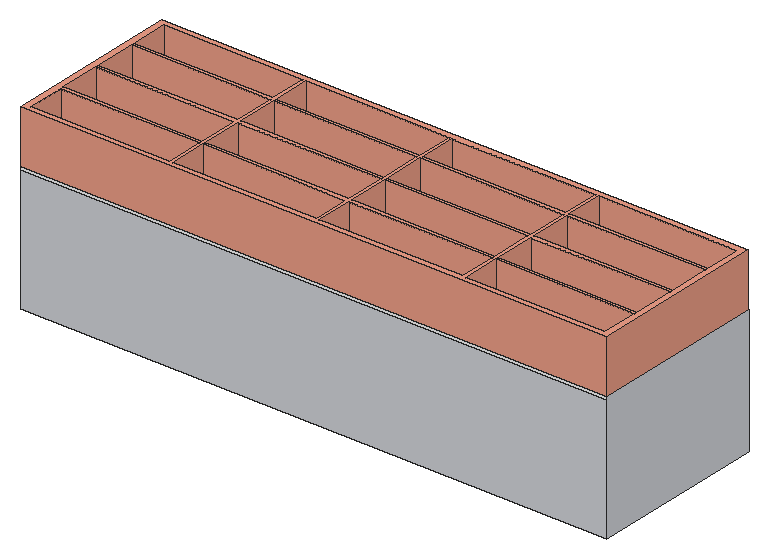
Revit family "CADS_AIRFLOWdev_AirTerminal_AirBrick_Intake", category Air Terminals, host Face, Revit 2015
Parameters (values of type "Terracotta With Internal Damper")
  WorkExecutionLevel = "N/A"
  WeeklyMaintenance = "N/A"
  WarrantyStartDate [instance] = "N/A"
  WarrantyPeriod = "2"
  WarrantyIdentifier = "N/A"
  WarrantyGuarantorParts = "info@airflow.com"
  WarrantyGuarantorLabor = "info@airflow.com"
  WarrantyGuarantor = "Airflow Developments Ltd"
  WarrantyEndDate [instance] = "N/A"
  WarrantyContent = "Replacement of part if faulty"
  W = 63 mm
  Uniclass2015 = "Pr_65_70_46_01"
  TotalSurfaceArea [instance] = 0.014204 m²
  TagNumber [instance] = "N/A"
  Status [instance] = "New"
  Size = "58 x 204 x 60"
  ShippingWeight = 0.018 kg
  Shape = "Rectangular"
  ServiceLifeType = "EXPECTEDSERVICELIFE"
  ServiceLifeDuration = "10"
  SerialNumber [instance] = "N/A"
  ReplacementCost = "8.112"
  Raised_Spigot = no
  QuarterlyMaintenance = "N/A"
  QualityOfComponents = "N/A"
  ProductionYear = "2017"
  ProductLiterature = "N/A"
  PointOfContact = "Airflow Developments Ltd"
  Perimeter [instance] = 558 mm
  OutdoorEnviornment = "N/A"
  OperationAndMaintenanceManual = "N/A"
  NumberOfSlots = 16
  NominalWidth = 204 mm
  NominalLength = 58 mm
  NominalHeight = 60 mm
  NBSCode = "90-75-50/370 Air terminals;"
  MountingType = "FLATFLUSH"
  MonthlyMaintenance = "N/A"
  ModelReference = "51978702"
  ModelLabel = "204 x 60mm with internal damper (Terracotta)"
  MeanTimeBetweenFailure = "N/A"
  Material = "Plastic"
  ManufacturerWebsite = "www.airflow.com"
  ManufacturerTelephone = "01494 525252"
  ManufacturerE-Mail = "info@airflow.com"
  ManufacturerAddress = "Aidelle House\nLancaster Road\nCressex Business Park\nHigh Wycombe\nBucks\nHP123QP"
  Manufacturer = "Airflow Developments Ltd"
  MaintenanceRequired8001to12000hrs = "N/A"
  MaintenanceRequired601to1000hrs = "N/A"
  MaintenanceRequired4001to8000hrs = "N/A"
  MaintenanceRequired301to600hrs = "N/A"
  MaintenanceRequired2001to4000hrs = "N/A"
  MaintenanceRequired1001to2000hrs = "N/A"
  MaintenanceRequired0to300hrs = "N/A"
  MaintenanceLevel = "N/A"
  L = 208 mm
  IsExtendedWarranty = no
  Internal_Damper = yes
  IndoorEnviornment = "N/A"
  InUseConditions = "N/A"
  ISO90001 = yes
  ISO140001 = yes
  HasThermalInsulation = no
  HasSoundAttenuator = no
  HasIntegralControl = no
  H = 64 mm
  GrossWeight = 0.015 kg
  Grade = "Virgin"
  GlobalTradeItemNumber = "N/A"
  FlowControlType = "DAMPER"
  Flow [instance] = 0.0 L/s
  Finish = "Matte"
  Features [instance] = "204 x 60mm with internal damper (Terracotta)"
  FaceType = "LOUVERED"
  Exclusions = "Incorrect Use / Incorrect Installation / Installed by a non-accredited electrician. Customer abuse."
  DurationUnit = "Years"
  DesignLevel = "N/A"
  Description = "204 x 60mm with internal damper (Terracotta)"
  Default Elevation = 1219.2 mm
  DailyMaintenance = "N/A"
  Constituents = "Terracotta"
  Color = "Terracotta"
  CodePerformance = "N/A"
  CEApproval = yes
  BespokeTimeFrameMaintenance = "N/A"
  Band_Size [instance] = if(B = 20 mm, 2 mm, 6 mm)  # 2 mm
  B = 20 mm
  AssetType = "Fixed"
  AssetIdentifier [instance] = "N/A"
  AssemblyPlace = "N/A"
  AnnualMaintenance = "N/A"
  AirflowRateRange = "0-61"
  AirBrick_Colour = CADS_AirFlow_Terracotta
  AccessibilityPerformance = "N/A"
  A = 45 mm
  6MonthlyMaintenance = "Visually inspect system, clean the fan and ducting if necessary"
Types (6, lengths in mm): name | WorkExecutionLevel | WeeklyMaintenance | WarrantyStartDate | WarrantyPeriod | WarrantyIdentifier | WarrantyGuarantorParts | WarrantyGuarantorLabor | WarrantyGuarantor | WarrantyEndDate | WarrantyContent | W | Uniclass2015 | TotalSurfaceArea | TagNumber | Status | Size | ShippingWeight | Shape | ServiceLifeType | ServiceLifeDuration | SerialNumber | ReplacementCost | Raised_Spigot | QuarterlyMaintenance | QualityOfComponents | ProductionYear | ProductLiterature | PointOfContact | Perimeter | OutdoorEnviornment | OperationAndMaintenanceManual | NumberOfSlots | NominalWidth | NominalLength | NominalHeight | NBSCode | MountingType | MonthlyMaintenance | ModelReference | ModelLabel | MeanTimeBetweenFailure | Material | ManufacturerWebsite | ManufacturerTelephone | ManufacturerE-Mail | ManufacturerAddress | Manufacturer | MaintenanceRequired8001to12000hrs | MaintenanceRequired601to1000hrs | MaintenanceRequired4001to8000hrs | MaintenanceRequired301to600hrs | MaintenanceRequired2001to4000hrs | MaintenanceRequired1001to2000hrs | MaintenanceRequired0to300hrs | MaintenanceLevel | L | IsExtendedWarranty | Internal_Damper | IndoorEnviornment | InUseConditions | HasThermalInsulation | HasSoundAttenuator | HasIntegralControl | H | GrossWeight | Grade | GlobalTradeItemNumber | FlowControlType | Finish | Features | FaceType | Exclusions | DurationUnit | DesignLevel | Description | DailyMaintenance | Constituents | Color | CodePerformance | BespokeTimeFrameMaintenance | Band_Size | B | AssetType | AssetIdentifier | AssemblyPlace | AnnualMaintenance | AirflowRateRange | AirBrick_Colour | AccessibilityPerformance | A | 6MonthlyMaintenance
  Brown | "N/A" | "N/A" | "N/A" | "2" | "N/A" | "info@airflow.com" | "info@airflow.com" | "Airflow Developments Ltd" | "N/A" | "Replacement of part if faulty" | 64 | "Pr_65_70_46_01" | 0.014204 m² | "N/A" | "New" | "58 x 204 x 60" | 0.018 kg | "Rectangular" | "EXPECTEDSERVICELIFE" | "10" | "N/A" | "8.112" | yes | "N/A" | "N/A" | "2017" | "N/A" | "Airflow Developments Ltd" | 558 | "N/A" | "N/A" | 16 | 204 | 58 | 60 | "90-75-50/370 Air terminals;" | "FLATFLUSH" | "N/A" | "51849605" | "204 x 60mm (Brown)" | "N/A" | "Plastic" | "www.airflow.com" | "01494 525252" | "info@airflow.com" | "Aidelle House\nLancaster Road\nCressex Business Park\nHigh Wycombe\nBucks\nHP123QP" | "Airflow Developments Ltd" | "N/A" | "N/A" | "N/A" | "N/A" | "N/A" | "N/A" | "N/A" | "N/A" | 208 | no | no | "N/A" | "N/A" | no | no | no | 61 | 0.015 kg | "Virgin" | "N/A" | "NONE" | "Matte" | "204 x 60mm (Brown)" | "LOUVERED" | "Incorrect Use / Incorrect Installation / Installed by a non-accredited electrician. Customer abuse." | "Years" | "N/A" | "204 x 60mm (Brown)" | "N/A" | "Brown" | "Brown" | "N/A" | "N/A" | 2 | 20 | "Fixed" | "N/A" | "N/A" | "N/A" | "0-61" | CADS_AirFlow_Brown | "N/A" | 20 | "Visually inspect system, clean the fan and ducting if necessary"
  Terracotta | "N/A" | "N/A" | "N/A" | "2" | "N/A" | "info@airflow.com" | "info@airflow.com" | "Airflow Developments Ltd" | "N/A" | "Replacement of part if faulty" | 63 | "Pr_65_70_46_01" | 0.014204 m² | "N/A" | "New" | "58 x 204 x 60" | 0.018 kg | "Rectangular" | "EXPECTEDSERVICELIFE" | "10" | "N/A" | "8.112" | no | "N/A" | "N/A" | "2017" | "N/A" | "Airflow Developments Ltd" | 558 | "N/A" | "N/A" | 16 | 204 | 58 | 60 | "90-75-50/370 Air terminals;" | "FLATFLUSH" | "N/A" | "52642010" | "204 x 60mm (Terracotta)" | "N/A" | "Plastic" | "www.airflow.com" | "01494 525252" | "info@airflow.com" | "Aidelle House\nLancaster Road\nCressex Business Park\nHigh Wycombe\nBucks\nHP123QP" | "Airflow Developments Ltd" | "N/A" | "N/A" | "N/A" | "N/A" | "N/A" | "N/A" | "N/A" | "N/A" | 208 | no | no | "N/A" | "N/A" | no | no | no | 64 | 0.015 kg | "Virgin" | "N/A" | "NONE" | "Matte" | "204 x 60mm (Terracotta)" | "LOUVERED" | "Incorrect Use / Incorrect Installation / Installed by a non-accredited electrician. Customer abuse." | "Years" | "N/A" | "204 x 60mm (Terracotta)" | "N/A" | "Terracotta" | "Terracotta" | "N/A" | "N/A" | 2 | 20 | "Fixed" | "N/A" | "N/A" | "N/A" | "0-61" | CADS_AirFlow_Terracotta | "N/A" | 45 | "Visually inspect system, clean the fan and ducting if necessary"
  Beige | "N/A" | "N/A" | "N/A" | "2" | "N/A" | "info@airflow.com" | "info@airflow.com" | "Airflow Developments Ltd" | "N/A" | "Replacement of part if faulty" | 63 | "Pr_65_70_46_01" | 0.014204 m² | "N/A" | "New" | "58 x 204 x 60" | 0.018 kg | "Rectangular" | "EXPECTEDSERVICELIFE" | "10" | "N/A" | "8.112" | no | "N/A" | "N/A" | "2017" | "N/A" | "Airflow Developments Ltd" | 558 | "N/A" | "N/A" | 16 | 204 | 58 | 60 | "90-75-50/370 Air terminals;" | "FLATFLUSH" | "N/A" | "52642002" | "204 x 60mm Buff (Beige)" | "N/A" | "Plastic" | "www.airflow.com" | "01494 525252" | "info@airflow.com" | "Aidelle House\nLancaster Road\nCressex Business Park\nHigh Wycombe\nBucks\nHP123QP" | "Airflow Developments Ltd" | "N/A" | "N/A" | "N/A" | "N/A" | "N/A" | "N/A" | "N/A" | "N/A" | 208 | no | no | "N/A" | "N/A" | no | no | no | 64 | 0.015 kg | "Virgin" | "N/A" | "NONE" | "Matte" | "204 x 60mm Buff (Beige)" | "LOUVERED" | "Incorrect Use / Incorrect Installation / Installed by a non-accredited electrician. Customer abuse." | "Years" | "N/A" | "204 x 60mm Buff (Beige)" | "N/A" | "Beige" | "Beige" | "N/A" | "N/A" | 2 | 20 | "Fixed" | "N/A" | "N/A" | "N/A" | "0-61" | CADS_AirFlow_Beige | "N/A" | 34 | "Visually inspect system, clean the fan and ducting if necessary"
  White | "" | "" | "" | "" | "" | "" | "" | "" | "" | "" | 56 | "" | 0.00 m² | "" | "" | "" | 0.00 kg | "" | "" | "" | "" | "" | yes | "" | "" | "" | "" | "" | 0 | "" | "" | 0 | 0 | 0 | 0 | "" | "" | "" | "" | "" | "" | "" | "" | "" | "" | "" | 0 | "" | "" | "" | "" | "" | "" | "" | "" | 200 | yes | no | "" | "" | yes | yes | yes | 54 | 0.00 kg | "" | "" | "" | "" | "" | "" | "" | "" | "" | 0 | "" | "" | "" | "" | "" | 6 | 0 | "" | "" | "" | "" | "" | CADS_AirFlow_White | "" | 34 | ""
  Terracotta With Internal Damper | "N/A" | "N/A" | "N/A" | "2" | "N/A" | "info@airflow.com" | "info@airflow.com" | "Airflow Developments Ltd" | "N/A" | "Replacement of part if faulty" | 63 | "Pr_65_70_46_01" | 0.014204 m² | "N/A" | "New" | "58 x 204 x 60" | 0.018 kg | "Rectangular" | "EXPECTEDSERVICELIFE" | "10" | "N/A" | "8.112" | no | "N/A" | "N/A" | "2017" | "N/A" | "Airflow Developments Ltd" | 558 | "N/A" | "N/A" | 16 | 204 | 58 | 60 | "90-75-50/370 Air terminals;" | "FLATFLUSH" | "N/A" | "51978702" | "204 x 60mm with internal damper (Terracotta)" | "N/A" | "Plastic" | "www.airflow.com" | "01494 525252" | "info@airflow.com" | "Aidelle House\nLancaster Road\nCressex Business Park\nHigh Wycombe\nBucks\nHP123QP" | "Airflow Developments Ltd" | "N/A" | "N/A" | "N/A" | "N/A" | "N/A" | "N/A" | "N/A" | "N/A" | 208 | no | yes | "N/A" | "N/A" | no | no | no | 64 | 0.015 kg | "Virgin" | "N/A" | "DAMPER" | "Matte" | "204 x 60mm with internal damper (Terracotta)" | "LOUVERED" | "Incorrect Use / Incorrect Installation / Installed by a non-accredited electrician. Customer abuse." | "Years" | "N/A" | "204 x 60mm with internal damper (Terracotta)" | "N/A" | "Terracotta" | "Terracotta" | "N/A" | "N/A" | 2 | 20 | "Fixed" | "N/A" | "N/A" | "N/A" | "0-61" | CADS_AirFlow_Terracotta | "N/A" | 45 | "Visually inspect system, clean the fan and ducting if necessary"
  White With Internal Damper | "N/A" | "N/A" | "N/A" | "2" | "N/A" | "info@airflow.com" | "info@airflow.com" | "Airflow Developments Ltd" | "N/A" | "Replacement of part if faulty" | 56 | "Pr_65_70_46_01" | 0.014204 m² | "N/A" | "New" | "58 x 204 x 60" | 0.018 kg | "Rectangular" | "EXPECTEDSERVICELIFE" | "10" | "N/A" | "8.112" | yes | "N/A" | "N/A" | "2017" | "N/A" | "Airflow Developments Ltd" | 558 | "N/A" | "N/A" | 27 | 204 | 58 | 60 | "90-75-50/370 Air terminals;" | "FLATFLUSH" | "N/A" | "51978701" | "204 x 60mm with internal damper (White)" | "N/A" | "Plastic" | "www.airflow.com" | "01494 525252" | "info@airflow.com" | "Aidelle House\nLancaster Road\nCressex Business Park\nHigh Wycombe\nBucks\nHP123QP" | "Airflow Developments Ltd" | "N/A" | "N/A" | "N/A" | "N/A" | "N/A" | "N/A" | "N/A" | "N/A" | 200 | no | yes | "N/A" | "N/A" | no | no | no | 54 | 0.015 kg | "Virgin" | "N/A" | "DAMPER" | "Matte" | "204 x 60mm with internal damper (White)" | "LOUVERED" | "Incorrect Use / Incorrect Installation / Installed by a non-accredited electrician. Customer abuse." | "Years" | "N/A" | "204 x 60mm with internal damper (White)" | "N/A" | "White" | "White" | "N/A" | "N/A" | 6 | 0 | "Fixed" | "N/A" | "N/A" | "N/A" | "0-61" | CADS_AirFlow_White | "N/A" | 34 | "Visually inspect system, clean the fan and ducting if necessary"
Reference planes
  plane 1 "Center (Front/Back)": y = 0
  plane 2: z = 0
  plane 3 "Center (Left/Right)": x = 0
  plane 4: x = -104
  plane 5: x = 104
  plane 6: y = 31.5
  plane 7: y = -31.5
  plane 8: z = -64
  plane 9 "Duct_Depth": z = -19
  plane 10: x = -52
  plane 11: x = 52
  plane 12: y = 15.75
  plane 13: y = -15.75
  plane 14: y = 16.25
  plane 15: y = 29.5
  plane 16: y = 15.25
  plane 17: y = 0.5
  plane 18: y = -0.5
  plane 19: y = -15.25
  plane 20: y = -16.25
  plane 21: y = -29.5
  plane 22: x = -102
  plane 23: x = -52.5
  plane 24: x = -51.5
  plane 25: x = 51.5
  plane 26: x = 52.5
  plane 27: x = 102
  plane 28: x = -0.5
  plane 29: x = 0.5
  plane 30 "Band": z = -20
Forms (mm)
  Extrusion 1, solid
    sketch origin (0, 0, 0) x (1, 0, 0) y (0, 1, 0)
      loop
        line (-104, 31.5) -> (-104, -31.5) -> (104, -31.5) -> (104, 31.5) -> (-104, 31.5)
    from -19 to -64
  Extrusion 2, solid, material "CADS_AirFlow_Terracotta" <- "AirBrick_Colour"
    sketch origin (0, 0, 0) x (1, 0, 0) y (0, 1, 0)
      loop
        line (-104, 31.5) -> (-104, -31.5) -> (104, -31.5) -> (104, 31.5) -> (-104, 31.5)
    from -19 to 0
  Extrusion 3, void
    sketch origin (0, 0, 0) x (1, 0, 0) y (0, 1, 0)
      loop
        line (-102, 29.5) -> (-102, 16.25) -> (-52.5, 16.25) -> (-52.5, 29.5) -> (-102, 29.5)
      loop
        line (-51.5, 29.5) -> (-51.5, 16.25) -> (-0.5, 16.25) -> (-0.5, 29.5) -> (-51.5, 29.5)
      loop
        line (0.5, 29.5) -> (0.5, 16.25) -> (51.5, 16.25) -> (51.5, 29.5) -> (0.5, 29.5)
      loop
        line (52.5, 29.5) -> (52.5, 16.25) -> (102, 16.25) -> (102, 29.5) -> (52.5, 29.5)
      loop
        line (-102, 15.25) -> (-102, 0.5) -> (-52.5, 0.5) -> (-52.5, 15.25) -> (-102, 15.25)
      loop
        line (-51.5, 15.25) -> (-51.5, 0.5) -> (-0.5, 0.5) -> (-0.5, 15.25) -> (-51.5, 15.25)
      loop
        line (0.5, 15.25) -> (0.5, 0.5) -> (51.5, 0.5) -> (51.5, 15.25) -> (0.5, 15.25)
      loop
        line (52.5, 15.25) -> (52.5, 0.5) -> (102, 0.5) -> (102, 15.25) -> (52.5, 15.25)
      loop
        line (-102, -0.5) -> (-102, -15.25) -> (-52.5, -15.25) -> (-52.5, -0.5) -> (-102, -0.5)
      loop
        line (-51.5, -0.5) -> (-51.5, -15.25) -> (-0.5, -15.25) -> (-0.5, -0.5) -> (-51.5, -0.5)
      loop
        line (0.5, -0.5) -> (0.5, -15.25) -> (51.5, -15.25) -> (51.5, -0.5) -> (0.5, -0.5)
      loop
        line (52.5, -0.5) -> (52.5, -15.25) -> (102, -15.25) -> (102, -0.5) -> (52.5, -0.5)
      loop
        line (-102, -16.25) -> (-102, -29.5) -> (-52.5, -29.5) -> (-52.5, -16.25) -> (-102, -16.25)
      loop
        line (-51.5, -16.25) -> (-51.5, -29.5) -> (-0.5, -29.5) -> (-0.5, -16.25) -> (-51.5, -16.25)
      loop
        line (0.5, -16.25) -> (0.5, -29.5) -> (51.5, -29.5) -> (51.5, -16.25) -> (0.5, -16.25)
      loop
        line (52.5, -16.25) -> (52.5, -29.5) -> (102, -29.5) -> (102, -16.25) -> (52.5, -16.25)
    from -19 to 0
  Extrusion 4, void
    sketch origin (0, 0, 0) x (1, 0, 0) y (0, 1, 0)
      loop
        line (-104, 31.5) -> (-104, -31.5) -> (104, -31.5) -> (104, 31.5) -> (-104, 31.5)
    from -64 to 0
  Sweep 5, solid, material "CADS_AirFlow_Terracotta" <- "AirBrick_Colour", visible <- "Raised_Spigot"
    path origin (0, 0, -20) x (-1, 0, 0) y (0, -1, 0)
      loop
        line (104, 31.5) -> (-104, 31.5) -> (-104, -31.5) -> (104, -31.5) -> (104, 31.5)
    profile origin (-104, 0, -20) x (-1, 0, 0) y (0, 0, 1)
      loop
        line (0, 0) -> (0, -1.5) -> (2, -1.5) -> (2, 0) -> (0, 0)
  Extrusion 6, void
    sketch origin (0, 0, -20) x (-1, 0, 0) y (0, -1, 0)
      loop
        line (102, 29.5) -> (-102, 29.5) -> (-102, -29.5) -> (102, -29.5) -> (102, 29.5)
    from -44 to 1
  Extrusion 7, solid, material "Air"
    sketch origin (0, 0, -19) x (-1, 0, 0) y (0, -1, 0)
      loop
        line (104, -31.5) -> (104, 31.5) -> (-104, 31.5) -> (-104, -31.5) -> (104, -31.5)
    from 0 to -1
Cuts and joins
  Extrusion 3 cuts Extrusion 2
  Extrusion 6 cuts Extrusion 1
Dimensions and locks
  equal spacing: plane 4, plane 3 "Center (Left/Right)", plane 5
  equal spacing: plane 6, plane 1 "Center (Front/Back)", plane 7
  "W": plane 6 to plane 7
  "L": plane 4 to plane 5
  "H": level to plane 8
  equal spacing: plane 4, plane 10, plane 3 "Center (Left/Right)"
  equal spacing: plane 3 "Center (Left/Right)", plane 11, plane 5
  equal spacing: plane 1 "Center (Front/Back)", plane 13, plane 7
  equal spacing: plane 1 "Center (Front/Back)", plane 12, plane 6
  locked: plane 6 to plane 15 at 2
  locked: plane 14 to plane 12 at 0.5
  locked: plane 12 to plane 16 at 0.5
  locked: plane 17 to plane 1 "Center (Front/Back)" at 0.5
  locked: plane 18 to plane 1 "Center (Front/Back)" at 0.5
  locked: plane 19 to plane 13 at 0.5
  locked: plane 13 to plane 20 at 0.5
  locked: plane 21 to plane 7 at 2
  locked: plane 4 to plane 22 at 2
  plane 23 to plane 10 to plane 24 = 0.5 mm locked, 0.5 mm locked
  plane 25 to plane 11 to plane 26 = 0.5 mm locked, 0.5 mm locked
  locked: plane 27 to plane 5 at 2
  plane 28 to plane 3 "Center (Left/Right)" to plane 29 = 0.5 mm locked, 0.5 mm locked
  "A": plane 9 "Duct_Depth" to plane 8
  "B": level to plane 30 "Band"
  locked: Sweep 5 sketch curve to Sweep 5 sketch curve at 1.5
  "Band_Size": Sweep 5 sketch curve to Sweep 5 sketch curve
  aligned and locked: plane 2 to host face
  aligned and locked: level to host face
  aligned and locked: plane 4 to Extrusion 1 sketch curve
  aligned and locked: Extrusion 1 sketch curve to plane 5
  aligned and locked: Extrusion 1 to plane 8
  aligned and locked: plane 9 "Duct_Depth" to Extrusion 1
  aligned and locked: plane 4 to Extrusion 2 sketch curve
  aligned and locked: plane 7 to Extrusion 2 sketch curve
  aligned and locked: Extrusion 2 to Extrusion 1
  aligned and locked: level to Extrusion 2
  aligned and locked: plane 22 to Extrusion 3 sketch curve  (x4)
  aligned and locked: plane 14 to Extrusion 3 sketch curve  (x4)
  aligned and locked: Extrusion 3 sketch curve to plane 23  (x3)
  aligned and locked: Extrusion 3 sketch curve to plane 15  (x3)
  aligned and locked: plane 24 to Extrusion 3 sketch curve  (x4)
  aligned and locked: Extrusion 3 sketch curve to plane 28  (x4)
  aligned and locked: Extrusion 3 sketch curve to plane 25  (x2)
  aligned and locked: Extrusion 3 sketch curve to plane 27  (x4)
  aligned and locked: plane 17 to Extrusion 3 sketch curve  (x3)
  aligned and locked: Extrusion 3 sketch curve to plane 16  (x3)
  aligned and locked: Extrusion 3 sketch curve to plane 29  (x3)
  aligned and locked: Extrusion 3 sketch curve to plane 18  (x4)
  aligned and locked: plane 19 to Extrusion 3 sketch curve  (x3)
  aligned and locked: plane 26 to Extrusion 3 sketch curve  (x2)
  aligned and locked: plane 21 to Extrusion 3 sketch curve  (x3)
  aligned and locked: Extrusion 3 sketch curve to plane 20  (x2)
  aligned and locked: Extrusion 3 to Extrusion 1
  aligned and locked: level to Extrusion 3
  aligned and locked: Extrusion 4 sketch curve to plane 6
  aligned and locked: plane 4 to Extrusion 4 sketch curve
  aligned and locked: plane 7 to Extrusion 4 sketch curve
  aligned and locked: Extrusion 4 sketch curve to plane 5
  aligned and locked: Extrusion 4 to Extrusion 1
  aligned and locked: level to Extrusion 4
  aligned and locked: Extrusion 6 sketch curve to plane 21
  aligned and locked: plane 15 to Extrusion 6 sketch curve
  aligned and locked: Extrusion 1 to Extrusion 6  (x2)
  aligned and locked: Extrusion 7 sketch curve to plane 6
  aligned and locked: plane 4 to Extrusion 7 sketch curve
  aligned and locked: Extrusion 7 sketch curve to plane 5
Automatic sketch dimensions
  host sketch curve to host sketch curve = 2438.4 mm  (x2)
  Extrusion 1 sketch curve to plane 7 = 0 mm
  Extrusion 1 sketch curve to plane 6 = 0 mm
  Extrusion 2 sketch curve to plane 5 = 0 mm
  Extrusion 2 sketch curve to plane 6 = 0 mm
  Extrusion 3 sketch curve to plane 23 = 0 mm
  Extrusion 3 sketch curve to plane 29 = 0 mm
  Extrusion 3 sketch curve to plane 25 = 0 mm  (x2)
  Extrusion 3 sketch curve to plane 26 = 0 mm  (x2)
  Extrusion 3 sketch curve to plane 21 = 0 mm
  Extrusion 3 sketch curve to plane 20 = 0 mm  (x2)
  Extrusion 3 sketch curve to plane 19 = 0 mm
  Extrusion 3 sketch curve to plane 17 = 0 mm
  Extrusion 3 sketch curve to plane 16 = 0 mm
  Extrusion 3 sketch curve to plane 15 = 0 mm
  Sweep 5 sketch curve to plane 5 = 0 mm
  Sweep 5 sketch curve to plane 4 = 0 mm
  Sweep 5 sketch curve to plane 6 = 0 mm
  Sweep 5 sketch curve to plane 7 = 0 mm
  Extrusion 6 sketch curve to plane 27 = 0 mm
  Extrusion 6 sketch curve to plane 22 = 0 mm
  Extrusion 7 sketch curve to plane 7 = 0 mm
  Sweep 5 sketch curve to profile plane = 0 mm
  Sweep 5 sketch curve to plane 30 "Band" = 0 mm
Connectors
  hvac at (0, 0, -19), driven by "Flow"
    settings: on cut or joined group of Extrusion 2, Extrusion 3, index 1, duct flow 0.0 L/s, flow factor 0, pres drop 0.0 Pa, loss coef 0, conn angle 0.00°, conn width 208 mm, conn height 63 mm, conn diameter 609.6 mm, duct sys type 4, conn prof type 1, flow config 0, flow direction 2, loss method 0, conn ref index -1, conn util no, is conn primary yes, conn desc ""
